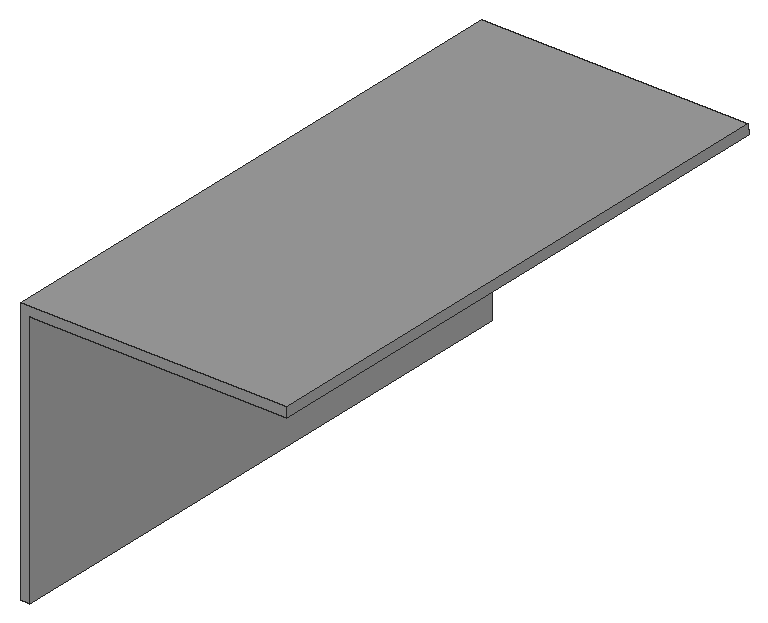
Revit family "CRCClip", category Structural Connections, Revit 2024
Family settings
  Material for Model Behavior = Other
  Work Plane-Based = No
  Enable Cutting in Views = No
  Always vertical = Yes
  Cut with Voids When Loaded = No
  Shared = No
Parameters (values of type "325L150x150-54")
  Width = 0' - 3 1/4"
  Weight = 0.00 lbf/ft
  Top [instance] = Flipped  # no
  Thickness = 0' - 0.054"
  Reported Length = Width  # 0' - 3 1/4"
  Height = 0' - 1 1/2"
  Flipped [instance] = no
  Description = "CRCCLIP"
  Depth = 0' - 1 1/2"
  Bottom [instance] = not(Top)  # yes
  BOM_Weight = 0.00 lbf
Types (36): name | Width | Thickness | Reported Length | Height | Description | Depth
  325L150x150-54 | 0' - 3 1/4" | 0' - 0.054" | 0' - 3 1/4" | 0' - 1 1/2" | "CRCCLIP" | 0' - 1 1/2"
  325L150x150-68 | 0' - 3 1/4" | 0' - 0.068" | 0' - 3 1/4" | 0' - 1 1/2" | 0' - 0" | 0' - 1 1/2"
  325L150x150-97 | 0' - 3 1/4" | 0' - 0.097" | 0' - 3 1/4" | 0' - 1 1/2" | 0' - 0" | 0' - 1 1/2"
  550L150x150-54 | 0' - 5 1/2" | 0' - 0.054" | 0' - 5 1/2" | 0' - 1 1/2" | 0' - 0" | 0' - 1 1/2"
  550L150x150-68 | 0' - 5 1/2" | 0' - 0.068" | 0' - 5 1/2" | 0' - 1 1/2" | 0' - 0" | 0' - 1 1/2"
  550L150x150-97 | 0' - 5 1/2" | 0' - 0.097" | 0' - 5 1/2" | 0' - 1 1/2" | 0' - 0" | 0' - 1 1/2"
  725L150x150-54 | 0' - 7 1/4" | 0' - 0.054" | 0' - 7 1/4" | 0' - 1 1/2" | 0' - 0" | 0' - 1 1/2"
  725L150x150-68 | 0' - 7 1/4" | 0' - 0.068" | 0' - 7 1/4" | 0' - 1 1/2" | 0' - 0" | 0' - 1 1/2"
  725L150x150-97 | 0' - 7 1/4" | 0' - 0.097" | 0' - 7 1/4" | 0' - 1 1/2" | 0' - 0" | 0' - 1 1/2"
  925L150x150-54 | 0' - 9 1/4" | 0' - 0.054" | 0' - 9 1/4" | 0' - 1 1/2" | 0' - 0" | 0' - 1 1/2"
  925L150x150-68 | 0' - 9 1/4" | 0' - 0.068" | 0' - 9 1/4" | 0' - 1 1/2" | 0' - 0" | 0' - 1 1/2"
  925L150x150-97 | 0' - 9 1/4" | 0' - 0.097" | 0' - 9 1/4" | 0' - 1 1/2" | 0' - 0" | 0' - 1 1/2"
  1125L150x150-54 | 0' - 11 1/4" | 0' - 0.054" | 0' - 11 1/4" | 0' - 1 1/2" | 0' - 0" | 0' - 1 1/2"
  1125L150x150-68 | 0' - 11 1/4" | 0' - 0.068" | 0' - 11 1/4" | 0' - 1 1/2" | 0' - 0" | 0' - 1 1/2"
  1125L150x150-97 | 0' - 11 1/4" | 0' - 0.097" | 0' - 11 1/4" | 0' - 1 1/2" | 0' - 0" | 0' - 1 1/2"
  1325L150x150-54 | 1' - 1 1/4" | 0' - 0.054" | 1' - 1 1/4" | 0' - 1 1/2" | 0' - 0" | 0' - 1 1/2"
  1325L150x150-68 | 1' - 1 1/4" | 0' - 0.068" | 1' - 1 1/4" | 0' - 1 1/2" | 0' - 0" | 0' - 1 1/2"
  1325L150x150-97 | 1' - 1 1/4" | 0' - 0.097" | 1' - 1 1/4" | 0' - 1 1/2" | 0' - 0" | 0' - 1 1/2"
  325L150x300-54 | 0' - 3 1/4" | 0' - 0.054" | 0' - 3 1/4" | 0' - 1 1/2" | 0' - 0" | 0' - 3"
  325L150x300-68 | 0' - 3 1/4" | 0' - 0.068" | 0' - 3 1/4" | 0' - 1 1/2" | 0' - 0" | 0' - 3"
  325L150x300-97 | 0' - 3 1/4" | 0' - 0.097" | 0' - 3 1/4" | 0' - 1 1/2" | 0' - 0" | 0' - 3"
  550L150x300-54 | 0' - 5 1/2" | 0' - 0.054" | 0' - 5 1/2" | 0' - 1 1/2" | 0' - 0" | 0' - 3"
  550L150x300-68 | 0' - 5 1/2" | 0' - 0.068" | 0' - 5 1/2" | 0' - 1 1/2" | 0' - 0" | 0' - 3"
  550L150x300-97 | 0' - 5 1/2" | 0' - 0.097" | 0' - 5 1/2" | 0' - 1 1/2" | 0' - 0" | 0' - 3"
  725L150x300-54 | 0' - 7 1/4" | 0' - 0.054" | 0' - 7 1/4" | 0' - 1 1/2" | 0' - 0" | 0' - 3"
  725L150x300-68 | 0' - 7 1/4" | 0' - 0.068" | 0' - 7 1/4" | 0' - 1 1/2" | 0' - 0" | 0' - 3"
  725L150x300-97 | 0' - 7 1/4" | 0' - 0.097" | 0' - 7 1/4" | 0' - 1 1/2" | 0' - 0" | 0' - 3"
  325L300x300-54 | 0' - 3 1/4" | 0' - 0.054" | 0' - 3 1/4" | 0' - 3" | 0' - 0" | 0' - 3"
  325L300x300-68 | 0' - 3 1/4" | 0' - 0.068" | 0' - 3 1/4" | 0' - 3" | 0' - 0" | 0' - 3"
  325L300x300-97 | 0' - 3 1/4" | 0' - 0.097" | 0' - 3 1/4" | 0' - 3" | 0' - 0" | 0' - 3"
  550L300x300-54 | 0' - 5 1/2" | 0' - 0.054" | 0' - 5 1/2" | 0' - 3" | 0' - 0" | 0' - 3"
  550L300x300-68 | 0' - 5 1/2" | 0' - 0.068" | 0' - 5 1/2" | 0' - 3" | 0' - 0" | 0' - 3"
  550L300x300-97 | 0' - 5 1/2" | 0' - 0.097" | 0' - 5 1/2" | 0' - 3" | 0' - 0" | 0' - 3"
  725L300x300-54 | 0' - 7 1/4" | 0' - 0.054" | 0' - 7 1/4" | 0' - 3" | 0' - 0" | 0' - 3"
  725L300x300-68 | 0' - 7 1/4" | 0' - 0.068" | 0' - 7 1/4" | 0' - 3" | 0' - 0" | 0' - 3"
  725L300x300-97 | 0' - 7 1/4" | 0' - 0.097" | 0' - 7 1/4" | 0' - 3" | 0' - 0" | 0' - 3"
Reference planes (in)
  plane 1 "Center (Front/Back)": y = 0
  plane 2: z = 0
  plane 3 "Center (Left/Right)": x = 0
  plane 4: y = -1.625
  plane 5: y = 1.625
  plane 6: x = 1.5
  plane 7: z = -1.5
  plane 8: z = -0.054
  plane 9: x = 0.054
  plane 10: z = 0.054
Forms (in)
  Extrusion 1, solid, material "Default", visible <- "Bottom"
    sketch origin (0, 0, 0) x (1, 0, 0) y (0, 0, 1)
      loop
        line (0, 0) -> (0, -1.5) -> (0.054, -1.5) -> (0.054, -0.054) -> (1.5, -0.054) -> (1.5, 0) -> (0, 0)
    from -1.625 to 1.625
  Extrusion 2, solid, material "Default", visible <- "Top"
    sketch origin (0, 0, 0) x (1, 0, 0) y (0, 0, 1)
      loop
        line (0, 0) -> (1.5, 0) -> (1.5, 0.054) -> (0.054, 0.054) -> (0.054, 1.5) -> (0, 1.5) -> (0, 0)
    from -1.625 to 1.625
Dimensions and locks (in)
  equal spacing: plane 5, plane 1 "Center (Front/Back)", plane 4
  "Width": plane 5 to plane 4
  "Depth": plane 6 to plane 3 "Center (Left/Right)"
  "Height": plane 2 to plane 7
  "Thickness": level to plane 8
  "Thickness": plane 9 to plane 3 "Center (Left/Right)"
  "Height": level to Extrusion 2
  "Thickness": level to plane 10
  aligned and locked: level to plane 2
  aligned and locked: plane 5 to Extrusion 1
  aligned and locked: Extrusion 1 to plane 4
  aligned and locked: plane 6 to Extrusion 1
  aligned and locked: plane 7 to Extrusion 1
  aligned and locked: plane 9 to Extrusion 1
  aligned and locked: Extrusion 1 to plane 8
  aligned and locked: Extrusion 1 to plane 3 "Center (Left/Right)"
  aligned and locked: Extrusion 2 to plane 3 "Center (Left/Right)"
  aligned and locked: plane 9 to Extrusion 2
  aligned and locked: Extrusion 2 to plane 10
  aligned and locked: plane 5 to Extrusion 2
  aligned and locked: Extrusion 2 to plane 4
Automatic sketch dimensions
  Extrusion 1 sketch curve to level = 0' - 0"
  Extrusion 1 sketch curve to plane 3 "Center (Left/Right)" = 0' - 0"
  Extrusion 1 sketch curve to plane 8 = 0' - 0"
  Extrusion 1 sketch curve to plane 9 = 0' - 0"
  Extrusion 1 sketch curve to plane 6 = 0' - 0"
  Extrusion 1 sketch curve to plane 7 = 0' - 0"
  Extrusion 2 sketch curve to level = 0' - 0"
  Extrusion 2 sketch curve to plane 3 "Center (Left/Right)" = 0' - 0"
  Extrusion 2 sketch curve to plane 9 = 0' - 0"
  Extrusion 2 sketch curve to plane 6 = 0' - 0"
  Extrusion 2 sketch curve to level = 0' - 0.054"
  Extrusion 2 sketch curve to Extrusion 2 sketch curve = 0' - 1.446"
